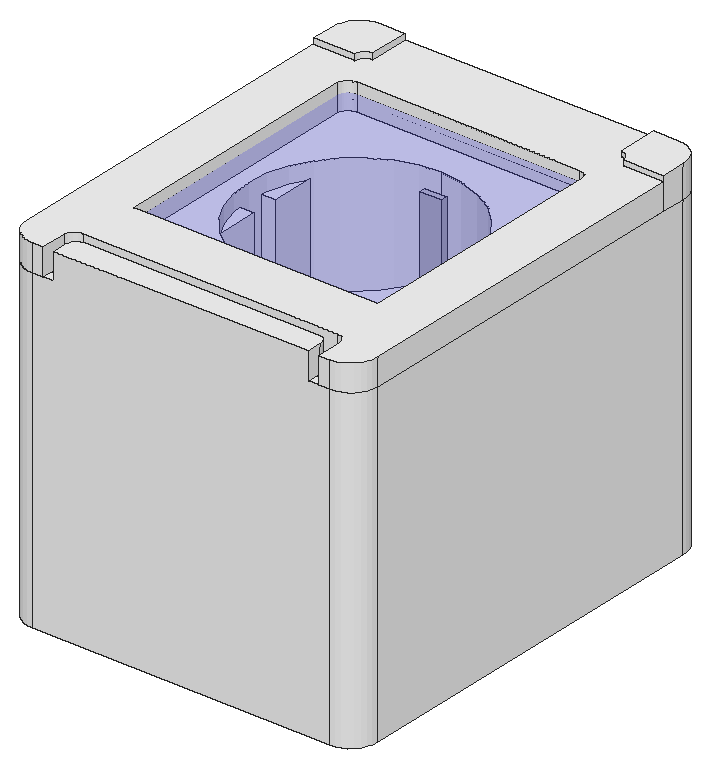
Revit family "Domotics-SerieCivili-GEWISS-27COMBI_SYSTEM-IP55_PRESA_GER", category Apparecchi elettrici, host Superficie, Revit 2016
Family settings
  Host = Superficie
  Mantenere orientamento annotazione = Sì
  Tipo di parte = Normale
  Quota connettore circolare = Usa diametro
  Taglio con vuoti quando caricato = No
  Condiviso = No
  Punto di calcolo locali = Sì
Parameters (values of type "GW27844 - Presa standard Tedesco 2P+T 16A stagna")
  Volt = 230 V
  Viti coperchio = "Acciaio inox"
  Vista in pianta [instance] = yes
  Versione file RFA = "19.4"
  URL = "https://www.gewiss.com/it/it"
  Tipo sfondabili = "Asportabili con utensile"
  Tipo portella = "Con membrana"
  Termopressione con biglia = "70 °C"
  Tensione: = "250 V ac"
  Tensione = "250 V ac"
  Temperatura di installazione = "-25 +60 °C"
  TXT ELETTRICO = "16"
  Sportellino chiuso [instance] = yes
  Simbolo [instance] = yes
  Scheda Tecnica = "https://www.gewiss.com/it/it/search?q=GW27844"
  SEO = "Contenitore"
  Default Elevation = 1219.2 mm
  Produttore = "GEWISS S.p.A."
  Norma di riferimento: = "IEC 60884-1"
  Norma di riferimento = "IEC 60884-1"
  N. poli = 1
  N. fori Ã˜ 23 sfondabili: = "Laterali 3 / Sul fondo 1"
  N. fori Ã˜ 23 con passacavo = "1"
  Modello = "GW27844"
  Immagine tipo = GW27844.jpg
  IFC.TypeObject = ""
  IFC.ExportType = ""
  IFC.ExportAs = ""
  IDT = "5c190fab-8d43-4d38-9b91-7a3bd9b67382"
  IDF = "49acd349-317a-49e7-b35c-f41bdb6a535b"
  Grado di protezione = "IP55"
  Glow Wire Test = "650°C"
  Distanza_x [instance] = 0 mm
  Distanza_effettiva_y [instance] = 100 mm
  Distanza_effettiva_x [instance] = 1000 mm - Distanza_x  # 1000 mm
  Distanza orizzontale del simbolo [instance] = 110.638 mm
  Distanza dal muro [instance] = 4.208 mm
  Dim. esterne BxHxP (mm) = "66x82x65"
  Descrizione: = "Presa 2P+T - 16 A"
  Descrizione = "PRESA STD TED.2P+T 16A STAGNA"
  Creato da GEWISS S.p.A. = ""
  Coppia serraggio viti = "0,8NM"
  Colore portella = "Trasparente"
  Colore = "Grigio RAL 7035"
  Codice Electrocod = "0131"
  Codice EAN = "8011564095489"
  Classe isolamento = "II"
  Catalogo Serie = "27COMBI"
  Catalogo = "DOMOTICS"
  Carico apparente = 0 VA
  Caratteristiche = "Standard Tedesco"
  COBie.Tagnumber = ""
  COBie.CreatedOn = ""
  COBie.CreatebBy = ""
  COBie.ComponentRegisterItemID = ""
  COBie.Component.TagNumber = ""
  COBie.Component.Space = ""
  COBie.Component.SerialNumber = ""
  COBie.Component.InstallationDate = ""
  COBie.Component.Description = ""
  COBie.Component.BarCode = ""
Reference planes
  plane 1 "Centro (Fronte/Retro)": y = 0
  plane 2: z = 0
  plane 3 "Centro (Sinistra/Destra)": x = 0
  plane 4: x = -1000
  plane 5: x = 0
  plane 6: y = 100
Lines and regions (mm)
  Masking region 1, visible <- "Vista in pianta"
    outline origin (0, 0, 0) x (1, 0, 0) y (0, 0, 1)
      loop
        line (-33, 66) -> (-33, 0) -> (33, 0) -> (33, 66) -> (-33, 66)
  Masking region 2, visible <- "Vista in pianta"
    outline origin (0, 0, 0) x (0, 1, 0) y (0, 0, 1)
      loop
        line (-41, 65) -> (-41, 0) -> (41, 0) -> (41, 65) -> (-41, 65)
  Masking region 3, visible <- "Vista in pianta"
    outline origin (0, 0, 0) x (1, 0, 0) y (0, 1, 0)
      loop
        arc (-28, 41) -> (-31.536, 39.536) -> (-33, 36) r 5
        line (-33, 36) -> (-33, -36)
        arc (-33, -36) -> (-31.536, -39.536) -> (-28, -41) r 5
        line (-28, -41) -> (28, -41)
        arc (28, -41) -> (31.536, -39.536) -> (33, -36) r 5
        line (33, -36) -> (33, 36)
        arc (33, 36) -> (31.536, 39.536) -> (28, 41) r 5
        line (28, 41) -> (-28, 41)
      loop
        line (-31, 36) -> (-31, -36)
        arc (-31, -36) -> (-30.121, -38.121) -> (-28, -39) r 3
        line (-28, -39) -> (28, -39)
        arc (28, -39) -> (30.121, -38.121) -> (31, -36) r 3
        line (31, -36) -> (31, 36)
        arc (31, 36) -> (30.121, 38.121) -> (28, 39) r 3
        line (28, 39) -> (-28, 39)
        arc (-28, 39) -> (-30.121, 38.121) -> (-31, 36) r 3
      loop
        line (-23, -23.5) -> (23, -23.5) -> (23, 24.5)
        arc (23, 24.5) -> (22.414, 25.914) -> (21, 26.5) r 2
        line (21, 26.5) -> (-21, 26.5)
        arc (-21, 26.5) -> (-22.414, 25.914) -> (-23, 24.5) r 2
        line (-23, 24.5) -> (-23, -23.5)
      loop
        circle (0, 0) r 20.156
      loop
        circle (-11.281, -0.293) r 3.536
      loop
        circle (10.281, -0.293) r 3.536
      loop
        line (-2.056, 17.726) -> (2.056, 17.726) -> (2.056, 18.888) -> (-2.056, 18.888) -> (-2.056, 17.726)
      loop
        line (-2.056, -17.726) -> (-2.056, -18.888) -> (2.056, -18.888) -> (2.056, -17.726) -> (-2.056, -17.726)
      loop
        line (-25.996, -36.247) -> (-25.996, -38.623) -> (25.996, -38.623) -> (25.996, -36.247)
        arc (25.996, -36.247) -> (25.41, -34.833) -> (23.996, -34.247) r 2
        line (23.996, -34.247) -> (-23.996, -34.247)
        arc (-23.996, -34.247) -> (-25.41, -34.833) -> (-25.996, -36.247) r 2
      loop
        arc (-21.996, -36.247) -> (-23.41, -36.833) -> (-23.996, -38.247) r 2
        line (-23.996, -38.247) -> (23.996, -38.247)
        arc (23.996, -38.247) -> (23.41, -36.833) -> (21.996, -36.247) r 2
        line (21.996, -36.247) -> (-21.996, -36.247)
Dimensions and locks
  plane 4 to plane 3 "Centro (Sinistra/Destra)" = 1000 mm
  "Distanza_effettiva_x": plane 4 to plane 5
  "Distanza_effettiva_y": plane 6 to plane 1 "Centro (Fronte/Retro)"
  aligned and locked: plane 2 to host face
  aligned and locked: level to host face
  aligned and locked: plane 1 "Centro (Fronte/Retro)" to nested 1
  aligned and locked: plane 3 "Centro (Sinistra/Destra)" to nested 1
  aligned and locked: plane 5 to nested 2
  aligned and locked: nested 2 to plane 6
  aligned and locked: Masking region 1 sketch curve to nested 1  (x3)
  aligned and locked: nested 1 to Masking region 1 sketch curve
  aligned and locked: Masking region 2 sketch curve to nested 1  (x4)
Automatic sketch dimensions
  host sketch curve to host sketch curve = 2438.4 mm  (x2)
  Masking region 3 sketch curve to Masking region 3 sketch curve = 0 mm  (x8)
  plane 1 "Centro (Fronte/Retro)" to Masking region 3 sketch curve = 0 mm
  Masking region 3 sketch curve to plane 3 "Centro (Sinistra/Destra)" = 0 mm
  Masking region 3 sketch curve to plane 3 "Centro (Sinistra/Destra)" = 2.056 mm  (x2)
  plane 1 "Centro (Fronte/Retro)" to Masking region 3 sketch curve = 0.293 mm  (x2)
  Masking region 3 sketch curve to plane 3 "Centro (Sinistra/Destra)" = 11.281 mm
  Masking region 3 sketch curve to Masking region 3 sketch curve = 18.944 mm  (x2)
  Masking region 3 sketch curve to plane 3 "Centro (Sinistra/Destra)" = 21.996 mm
  Masking region 3 sketch curve to Masking region 3 sketch curve = 2 mm  (x7)
  Masking region 3 sketch curve to Masking region 3 sketch curve = 7 mm  (x2)
  Masking region 3 sketch curve to Masking region 3 sketch curve = 2.004 mm
  Masking region 3 sketch curve to Masking region 3 sketch curve = 3 mm  (x2)
  plane 3 "Centro (Sinistra/Destra)" to Masking region 3 sketch curve = 2.056 mm  (x2)
  plane 3 "Centro (Sinistra/Destra)" to Masking region 3 sketch curve = 10.281 mm
  plane 3 "Centro (Sinistra/Destra)" to Masking region 3 sketch curve = 21.996 mm
  Masking region 3 sketch curve to Masking region 3 sketch curve = 1.004 mm
  Masking region 3 sketch curve to Masking region 3 sketch curve = 4.004 mm
  plane 1 "Centro (Fronte/Retro)" to Masking region 3 sketch curve = 17.726 mm
  Masking region 3 sketch curve to Masking region 3 sketch curve = 1.162 mm  (x2)
  Masking region 3 sketch curve to Masking region 3 sketch curve = 4.612 mm
  Masking region 3 sketch curve to Masking region 3 sketch curve = 10.747 mm
  Masking region 3 sketch curve to Masking region 3 sketch curve = 0.247 mm
  Masking region 3 sketch curve to Masking region 3 sketch curve = 0.377 mm
  Masking region 3 sketch curve to plane 1 "Centro (Fronte/Retro)" = 17.726 mm
  Masking region 3 sketch curve to Masking region 3 sketch curve = 5.612 mm
  Masking region 3 sketch curve to Masking region 3 sketch curve = 9.5 mm
  radius of Masking region 3 sketch curve = 20.156 mm
  radius of Masking region 3 sketch curve = 3.536 mm  (x2)
Nested families
  nested 1: "System Contenitori IP55 Compl Prese Ger_GENERICO" at (0, 0, 0), Sportellino Chiuso <- "Sportellino chiuso", type "GW27844 Presa standard Tedesco 2P+T 16A stagna"
    with Sportellino Chiuso yes, Sportellino Aperto no
  nested 2: "SIMBOLO PRESE" at (0, 100, 0), TESTO ELETTRICO <- "TXT ELETTRICO", Distanza dal muro <- "Distanza dal muro", SIMBOLO <- "Simbolo", visible <- "Simbolo", type "PRESA"
    with TESTO ELETTRICO "16", SIMBOLO yes, Distanza dal muro 4.208 mm, BORDO ACCESO yes
Connectors
  electrical at (0, 0, 0), driven by "N. poli", driven by "Volt", driven by "Carico apparente"
    settings: on nested 1, index 1, voltage 230 V, apparent load 0 VA, apparent load phase1 0 VA, apparent load phase2 0 VA, apparent load phase3 0 VA, power factor 1, load classification "Altro", number of poles 1, system type 31, power factor state 1, is connector primary yes, connector utility no, sub classification motor no, connector description ""
Definition of nested family "System Contenitori IP55 Compl Prese Ger_GENERICO"
  Parameters (values of type "GW27844 Presa standard Tedesco 2P+T 16A stagna")
    Vetro Sportello = none
    Sportellino Chiuso [instance] = yes
    Sportellino Aperto [instance] = not(Sportellino Chiuso)  # no
    Profondità = 65 mm
    Lunghezza = 82 mm
    Larghezza = 66 mm
    Contenitore = none
    Altezza da terra = 750 mm
  Reference planes
    plane 1 "Centro (Fronte/Retro)": y = 0
    plane 2: z = 0
    plane 3 "Centro (Sinistra/Destra)": x = 0
    plane 4: x = -33
    plane 5: x = 33
    plane 6: x = -23
    plane 7: x = 23
    plane 8: z = 856.107
    plane 9: z = 65
    plane 10: z = 60
    plane 11: z = 66
    plane 12: z = 61
    plane 13: z = 37
    plane 14: z = 36
    plane 15: z = 57
  Forms (mm)
    Extrusion 1, solid, material <- "Contenitore"
      sketch origin (0, -791, 0) x (1, 0, 0) y (0, 1, 0)
        loop
          arc (-28, 832) -> (-31.536, 830.536) -> (-33, 827) r 5
          line (-33, 827) -> (-33, 755)
          arc (-33, 755) -> (-31.536, 751.464) -> (-28, 750) r 5
          line (-28, 750) -> (28, 750)
          arc (28, 750) -> (31.536, 751.464) -> (33, 755) r 5
          line (33, 755) -> (33, 827)
          arc (33, 827) -> (31.536, 830.536) -> (28, 832) r 5
          line (28, 832) -> (-28, 832)
        loop
          arc (-31, 755) -> (-30.121, 752.879) -> (-28, 752) r 3
          line (-28, 752) -> (28, 752)
          arc (28, 752) -> (30.121, 752.879) -> (31, 755) r 3
          line (31, 755) -> (31, 827)
          arc (31, 827) -> (30.121, 829.121) -> (28, 830) r 3
          line (28, 830) -> (-28, 830)
          arc (-28, 830) -> (-30.121, 829.121) -> (-31, 827) r 3
          line (-31, 827) -> (-31, 755)
      from 0 to 60
    Extrusion 2, solid, material <- "Contenitore", visible <- "Sportellino Chiuso", detail levels fine
      sketch origin (0, -791, 60) x (1, 0, 0) y (0, 1, 0)
        loop
          line (-23.414, 832) -> (-23.414, 824.415)
          arc (-23.414, 824.415) -> (-24.751, 823.861) -> (-25.304, 822.525) r 1.89
          line (-25.304, 822.525) -> (-33, 822.525) -> (-33, 755)
          arc (-33, 755) -> (-31.536, 751.464) -> (-28, 750) r 5
          line (-28, 750) -> (-25.996, 750) -> (-25.996, 754.753)
          arc (-25.996, 754.753) -> (-25.41, 756.167) -> (-23.996, 756.753) r 2
          line (-23.996, 756.753) -> (23.996, 756.753)
          arc (23.996, 756.753) -> (25.41, 756.167) -> (25.996, 754.753) r 2
          line (25.996, 754.753) -> (25.996, 750) -> (28, 750)
          arc (28, 750) -> (31.536, 751.464) -> (33, 755) r 5
          line (33, 755) -> (33, 822.525) -> (25.304, 822.525)
          arc (25.304, 822.525) -> (24.751, 823.861) -> (23.414, 824.415) r 1.89
          line (23.414, 824.415) -> (23.414, 832) -> (-23.414, 832)
        loop
          arc (-21, 817.5) -> (-22.414, 816.914) -> (-23, 815.5) r 2
          line (-23, 815.5) -> (-23, 767.5) -> (23, 767.5) -> (23, 815.5)
          arc (23, 815.5) -> (22.414, 816.914) -> (21, 817.5) r 2
          line (21, 817.5) -> (-21, 817.5)
      from 5 to 0
    Extrusion 3, solid, material <- "Contenitore"
      sketch origin (0, -791, 60) x (1, 0, 0) y (0, 1, 0)
        loop
          line (-23.996, 750) -> (23.996, 750) -> (23.996, 752.753)
          arc (23.996, 752.753) -> (23.41, 754.167) -> (21.996, 754.753) r 2
          line (21.996, 754.753) -> (-21.996, 754.753)
          arc (-21.996, 754.753) -> (-23.41, 754.167) -> (-23.996, 752.753) r 2
          line (-23.996, 752.753) -> (-23.996, 750)
      from 5 to 0
    Extrusion 4, solid, material <- "Vetro Sportello", visible <- "Sportellino Chiuso"
      sketch origin (0, -791, 63.052) x (1, 0, 0) y (0, 1, 0)
        loop
          arc (-21, 817.5) -> (-22.414, 816.914) -> (-23, 815.5) r 2
          line (-23, 815.5) -> (-23, 767.5) -> (23, 767.5) -> (23, 815.5)
          arc (23, 815.5) -> (22.414, 816.914) -> (21, 817.5) r 2
          line (21, 817.5) -> (-21, 817.5)
      from 0 to -1.104
    Extrusion 5, solid, material <- "Contenitore", detail levels fine
      sketch origin (0, -791, 61) x (1, 0, 0) y (0, 1, 0)
        loop
          arc (-28, 832) -> (-31.536, 830.536) -> (-33, 827) r 5
          line (-33, 827) -> (-33, 822.525) -> (-25.304, 822.525)
          arc (-25.304, 822.525) -> (-24.751, 823.861) -> (-23.414, 824.415) r 1.89
          line (-23.414, 824.415) -> (-23.414, 832) -> (-28, 832)
      from 5 to -1
    Extrusion 6, solid, material <- "Contenitore", detail levels fine
      sketch origin (0, -791, 61) x (1, 0, 0) y (0, 1, 0)
        loop
          line (23.414, 832) -> (23.414, 824.415)
          arc (23.414, 824.415) -> (24.751, 823.861) -> (25.304, 822.525) r 1.89
          line (25.304, 822.525) -> (33, 822.525) -> (33, 827)
          arc (33, 827) -> (31.536, 830.536) -> (28, 832) r 5
          line (28, 832) -> (23.414, 832)
      from 5 to -1
    Extrusion 7, solid, material <- "Contenitore", visible <- "Sportellino Aperto", detail levels fine
      sketch origin (0, -791, 61) x (1, 0, 0) y (0, 0, -1)
        loop
          line (-23.414, 0) -> (-23.414, -7.585)
          arc (-23.414, -7.585) -> (-24.751, -8.139) -> (-25.304, -9.475) r 1.89
          line (-25.304, -9.475) -> (-33, -9.475) -> (-33, -77)
          arc (-33, -77) -> (-31.536, -80.536) -> (-28, -82) r 5
          line (-28, -82) -> (-25.996, -82) -> (-25.996, -77.697)
          arc (-25.996, -77.697) -> (-25.278, -75.964) -> (-23.545, -75.247) r 2.45
          line (-23.545, -75.247) -> (23.496, -75.247)
          arc (23.496, -75.247) -> (25.264, -75.979) -> (25.996, -77.747) r 2.5
          line (25.996, -77.747) -> (25.996, -82) -> (28, -82)
          arc (28, -82) -> (31.536, -80.536) -> (33, -77) r 5
          line (33, -77) -> (33, -9.475) -> (25.304, -9.475)
          arc (25.304, -9.475) -> (24.751, -8.139) -> (23.414, -7.585) r 1.89
          line (23.414, -7.585) -> (23.414, 0) -> (-23.414, 0)
        loop
          arc (-20.971, -14.5) -> (-22.406, -15.094) -> (-23, -16.529) r 2.029
          line (-23, -16.529) -> (-23, -64.5) -> (23, -64.5) -> (23, -16.473)
          arc (23, -16.473) -> (22.422, -15.078) -> (21.027, -14.5) r 1.973
          line (21.027, -14.5) -> (-20.971, -14.5)
      from 827 to 832
    Extrusion 8, solid, not visible
      sketch origin (0, 5, 0) x (0, 0, 1) y (1, 0, 0)
        loop
          line (832, -28) -> (832, 28)
          arc (832, 28) -> (830.536, 31.536) -> (827, 33) r 5
          line (827, 33) -> (755, 33)
          arc (755, 33) -> (751.464, 31.536) -> (750, 28) r 5
          line (750, 28) -> (750, -28)
          arc (750, -28) -> (751.464, -31.536) -> (755, -33) r 5
          line (755, -33) -> (827, -33)
          arc (827, -33) -> (830.536, -31.536) -> (832, -28) r 5
        loop
          line (755, -31) -> (827, -31)
          arc (827, -31) -> (829.121, -30.121) -> (830, -28) r 3
          line (830, -28) -> (830, 28)
          arc (830, 28) -> (829.121, 30.121) -> (827, 31) r 3
          line (827, 31) -> (755, 31)
          arc (755, 31) -> (752.879, 30.121) -> (752, 28) r 3
          line (752, 28) -> (752, -28)
          arc (752, -28) -> (752.879, -30.121) -> (755, -31) r 3
      from 0 to 60
    Extrusion 9, solid, visible <- "Sportellino Chiuso", not visible
      sketch origin (0, 5, 0) x (0, 0, 1) y (1, 0, 0)
        loop
          line (832, -23.414) -> (832, 23.414) -> (824.415, 23.414)
          arc (824.415, 23.414) -> (823.861, 24.751) -> (822.525, 25.304) r 1.89
          line (822.525, 25.304) -> (822.525, 33) -> (755, 33)
          arc (755, 33) -> (751.464, 31.536) -> (750, 28) r 5
          line (750, 28) -> (750, 25.996) -> (754.753, 25.996)
          arc (754.753, 25.996) -> (756.167, 25.41) -> (756.753, 23.996) r 2
          line (756.753, 23.996) -> (756.753, -23.996)
          arc (756.753, -23.996) -> (756.167, -25.41) -> (754.753, -25.996) r 2
          line (754.753, -25.996) -> (750, -25.996) -> (750, -28)
          arc (750, -28) -> (751.464, -31.536) -> (755, -33) r 5
          line (755, -33) -> (822.525, -33) -> (822.525, -25.304)
          arc (822.525, -25.304) -> (823.861, -24.751) -> (824.415, -23.414) r 1.89
          line (824.415, -23.414) -> (832, -23.414)
        loop
          line (817.5, -21) -> (817.5, 21)
          arc (817.5, 21) -> (816.914, 22.414) -> (815.5, 23) r 2
          line (815.5, 23) -> (767.5, 23) -> (767.5, -23) -> (815.5, -23)
          arc (815.5, -23) -> (816.914, -22.414) -> (817.5, -21) r 2
      from 0 to -5
    Extrusion 10, solid, not visible
      sketch origin (0, 5, 0) x (0, 0, 1) y (1, 0, 0)
        loop
          line (750, -23.996) -> (752.753, -23.996)
          arc (752.753, -23.996) -> (754.167, -23.41) -> (754.753, -21.996) r 2
          line (754.753, -21.996) -> (754.753, 21.996)
          arc (754.753, 21.996) -> (754.167, 23.41) -> (752.753, 23.996) r 2
          line (752.753, 23.996) -> (750, 23.996) -> (750, -23.996)
      from 0 to -3.604
    Extrusion 11, solid, material <- "Vetro Sportello", visible <- "Sportellino Chiuso", not visible
      sketch origin (0, 2.5, 0) x (0, 0, 1) y (1, 0, 0)
        loop
          line (817.5, -21) -> (817.5, 21)
          arc (817.5, 21) -> (816.914, 22.414) -> (815.5, 23) r 2
          line (815.5, 23) -> (767.5, 23) -> (767.5, -23) -> (815.5, -23)
          arc (815.5, -23) -> (816.914, -22.414) -> (817.5, -21) r 2
      from 0 to -1.104
    Extrusion 12, solid, not visible
      sketch origin (0, 5, 0) x (0, 0, 1) y (1, 0, 0)
        loop
          line (832, -28) -> (832, -23.414) -> (824.415, -23.414)
          arc (824.415, -23.414) -> (823.861, -24.751) -> (822.525, -25.304) r 1.89
          line (822.525, -25.304) -> (822.525, -33) -> (827, -33)
          arc (827, -33) -> (830.536, -31.536) -> (832, -28) r 5
      from 0 to -6
    Extrusion 13, solid, not visible
      sketch origin (0, 5, 0) x (0, 0, 1) y (1, 0, 0)
        loop
          line (832, 23.414) -> (832, 28)
          arc (832, 28) -> (830.536, 31.536) -> (827, 33) r 5
          line (827, 33) -> (822.525, 33) -> (822.525, 25.304)
          arc (822.525, 25.304) -> (823.861, 24.751) -> (824.415, 23.414) r 1.89
          line (824.415, 23.414) -> (832, 23.414)
      from 0 to -6
    Extrusion 14, solid, visible <- "Sportellino Aperto", not visible
      sketch origin (0, 0, 0) x (1, 0, 0) y (0, 1, 0)
        loop
          line (-23.414, 0) -> (-23.414, -7.585)
          arc (-23.414, -7.585) -> (-24.751, -8.139) -> (-25.304, -9.475) r 1.89
          line (-25.304, -9.475) -> (-33, -9.475) -> (-33, -77)
          arc (-33, -77) -> (-31.536, -80.536) -> (-28, -82) r 5
          line (-28, -82) -> (-25.996, -82) -> (-25.996, -77.697)
          arc (-25.996, -77.697) -> (-25.278, -75.964) -> (-23.545, -75.247) r 2.45
          line (-23.545, -75.247) -> (23.496, -75.247)
          arc (23.496, -75.247) -> (25.264, -75.979) -> (25.996, -77.747) r 2.5
          line (25.996, -77.747) -> (25.996, -82) -> (28, -82)
          arc (28, -82) -> (31.536, -80.536) -> (33, -77) r 5
          line (33, -77) -> (33, -9.475) -> (25.304, -9.475)
          arc (25.304, -9.475) -> (24.751, -8.139) -> (23.414, -7.585) r 1.89
          line (23.414, -7.585) -> (23.414, 0) -> (-23.414, 0)
        loop
          arc (-20.971, -14.5) -> (-22.406, -15.094) -> (-23, -16.529) r 2.029
          line (-23, -16.529) -> (-23, -64.5) -> (23, -64.5) -> (23, -16.473)
          arc (23, -16.473) -> (22.422, -15.078) -> (21.027, -14.5) r 1.973
          line (21.027, -14.5) -> (-20.971, -14.5)
      from 827 to 832
    Extrusion 15, solid, material <- "Vetro Sportello", visible <- "Sportellino Aperto", not visible
      sketch origin (0, 0, 0) x (1, 0, 0) y (0, 1, 0)
        loop
          line (-23, -64.5) -> (23, -64.5) -> (23, -16.5)
          arc (23, -16.5) -> (22.414, -15.086) -> (21, -14.5) r 2
          line (21, -14.5) -> (-21, -14.5)
          arc (-21, -14.5) -> (-22.414, -15.086) -> (-23, -16.5) r 2
          line (-23, -16.5) -> (-23, -64.5)
      from 829.225 to 829.725
    Extrusion 16, solid, material <- "Contenitore"
      sketch origin (0, 0, 0) x (1, 0, 0) y (0, 1, 0)
        loop
          arc (-31, -36) -> (-30.121, -38.121) -> (-28, -39) r 3
          line (-28, -39) -> (28, -39)
          arc (28, -39) -> (30.121, -38.121) -> (31, -36) r 3
          line (31, -36) -> (31, 36)
          arc (31, 36) -> (30.121, 38.121) -> (28, 39) r 3
          line (28, 39) -> (-28, 39)
          arc (-28, 39) -> (-30.121, 38.121) -> (-31, 36) r 3
          line (-31, 36) -> (-31, -36)
      from 36 to 60
    Extrusion 17, solid, material <- "Contenitore"
      sketch origin (0, 0, 0) x (1, 0, 0) y (0, 1, 0)
        loop
          arc (-21, 26.5) -> (-22.414, 25.914) -> (-23, 24.5) r 2
          line (-23, 24.5) -> (-23, -23.5) -> (23, -23.5) -> (23, 24.5)
          arc (23, 24.5) -> (22.414, 25.914) -> (21, 26.5) r 2
          line (21, 26.5) -> (-21, 26.5)
      from 60 to 36
    Extrusion 18, void
      sketch origin (0, 0, 0) x (1, 0, 0) y (0, 1, 0)
        loop
          circle (0, 0) r 20.156
      from 37 to 61
    Extrusion 19, solid
      sketch origin (0, 0, 0) x (1, 0, 0) y (0, 1, 0)
        loop
          circle (-11.281, -0.293) r 3.536
        loop
          circle (10.281, -0.293) r 3.536
      from 0 to 36
    Extrusion 20, void
      sketch origin (0, 0, 0) x (1, 0, 0) y (0, 1, 0)
        loop
          circle (-11.281, -0.293) r 3.536
        loop
          circle (10.281, -0.293) r 3.536
      from 36 to 37
    Extrusion 21, solid, detail levels fine
      sketch origin (0, 0, 0) x (1, 0, 0) y (0, 1, 0)
        loop
          arc (-17.077, 10.706) -> (-18.981, 6.781) -> (-19.995, 2.538) r 20.156
          line (-19.995, 2.538) -> (-17.077, 2.538) -> (-17.077, 10.706)
        loop
          line (-17.077, -10.706) -> (-17.077, -2.538) -> (-19.995, -2.538)
          arc (-19.995, -2.538) -> (-18.981, -6.781) -> (-17.077, -10.706) r 20.156
        loop
          line (17.077, 10.706) -> (17.077, 2.538) -> (19.995, 2.538)
          arc (19.995, 2.538) -> (18.981, 6.781) -> (17.077, 10.706) r 20.156
        loop
          arc (17.077, -10.706) -> (18.981, -6.781) -> (19.995, -2.538) r 20.156
          line (19.995, -2.538) -> (17.077, -2.538) -> (17.077, -10.706)
      from 37 to 57
    Extrusion 22, solid, detail levels fine
      sketch origin (0, 0, 0) x (1, 0, 0) y (0, 1, 0)
        loop
          line (-2.056, 17.726) -> (2.056, 17.726) -> (2.056, 18.888) -> (-2.056, 18.888) -> (-2.056, 17.726)
        loop
          line (-2.056, -17.726) -> (-2.056, -18.888) -> (2.056, -18.888) -> (2.056, -17.726) -> (-2.056, -17.726)
      from 37 to 57
  Cuts and joins
    joined: Extrusion 1, Extrusion 3
    Extrusion 18, Extrusion 20 cuts Extrusion 4
    Extrusion 18, Extrusion 20 cuts Extrusion 16
    Extrusion 18, Extrusion 20 cuts Extrusion 17
    Extrusion 20 cuts Extrusion 19
  Lines and regions (mm)
    model lines, not visible, detail levels medium+fine
      curve 1: circle (-28, -1, 827) r 2 normal (0, -1, 0)
      curve 2: circle (28, -1, 827) r 2 normal (0, -1, 0)
      curve 9: circle (0, 1.396, 790.026) r 20.156 normal (0, -1, 0)
      curve 12: line (23, 1.396, 767.5) -> (-23, 1.396, 767.5)
      curve 13: line (-23, 1.396, 767.5) -> (-23, 1.396, 812.5)
      curve 14: line (-23, 1.396, 812.5) -> (23, 1.396, 812.5)
      curve 15: line (23, 1.396, 812.5) -> (23, 1.396, 767.5)
    model lines, not visible, detail levels fine
      curve 3: line (-29.912, -1, 826.413) -> (-26.7, -1, 828.52)
      curve 4: line (-29.472, -1, 825.646) -> (-26.172, -1, 827.81)
      curve 5: line (29.912, -1, 826.413) -> (26.7, -1, 828.52)
      curve 6: line (29.472, -1, 825.646) -> (26.172, -1, 827.81)
      curve 10: circle (-11.281, 1.396, 789.733) r 3.536 normal (0, -1, 0)
      curve 11: circle (10.281, 1.396, 789.733) r 3.536 normal (0, -1, 0)
      curve 16: line (-17.077, 1.396, 800.732) -> (-17.077, 1.396, 792.564)
      curve 17: line (-17.077, 1.396, 792.564) -> (-19.995, 1.396, 792.564)
      curve 18: line (-17.077, 1.396, 779.32) -> (-17.077, 1.396, 787.489)
      curve 19: line (-17.077, 1.396, 787.489) -> (-19.995, 1.396, 787.489)
      curve 20: line (17.077, 1.396, 800.732) -> (17.077, 1.396, 792.564)
      curve 21: line (17.077, 1.396, 792.564) -> (19.995, 1.396, 792.564)
      curve 22: line (17.077, 1.396, 779.32) -> (17.077, 1.396, 787.489)
      curve 23: line (17.077, 1.396, 787.489) -> (19.995, 1.396, 787.489)
      curve 24: line (-2.056, 1.396, 810.077) -> (-2.056, 1.396, 807.752)
      curve 25: line (-2.056, 1.396, 807.752) -> (2.056, 1.396, 807.752)
      curve 26: line (2.056, 1.396, 807.752) -> (2.056, 1.396, 810.077)
      curve 27: line (-2.056, 1.396, 769.976) -> (-2.056, 1.396, 772.3)
      curve 28: line (-2.056, 1.396, 772.3) -> (2.056, 1.396, 772.3)
      curve 29: line (2.056, 1.396, 772.3) -> (2.056, 1.396, 769.976)
    model lines, not visible
      curve 7: line (-23.414, 0, 832) -> (-23.414, 0, 824.415)
      curve 8: line (23.414, 0, 824.415) -> (23.414, 0, 832)
    model lines, detail levels fine
      curve 30: circle (0, 0, 37) r 20.156 normal (0, 0, 1)
      curve 31: circle (-11.281, -0.293, 37) r 3.536 normal (0, 0, 1)
      curve 32: circle (10.281, -0.293, 37) r 3.536 normal (0, 0, 1)
      curve 33: line (-17.077, 10.706, 37) -> (-17.077, 2.538, 37)
      curve 34: line (-17.077, 2.538, 37) -> (-19.995, 2.538, 37)
      curve 35: line (-17.077, -10.706, 37) -> (-17.077, -2.538, 37)
      curve 36: line (-17.077, -2.538, 37) -> (-19.995, -2.538, 37)
      curve 37: line (17.077, 10.706, 37) -> (17.077, 2.538, 37)
      curve 38: line (17.077, 2.538, 37) -> (19.995, 2.538, 37)
      curve 39: line (17.077, -10.706, 37) -> (17.077, -2.538, 37)
      curve 40: line (17.077, -2.538, 37) -> (19.995, -2.538, 37)
      curve 41: line (-2.056, 20.051, 37) -> (-2.056, 17.726, 37)
      curve 42: line (-2.056, 17.726, 37) -> (2.056, 17.726, 37)
      curve 43: line (2.056, 17.726, 37) -> (2.056, 20.051, 37)
      curve 44: line (-2.056, -20.051, 37) -> (-2.056, -17.726, 37)
      curve 45: line (-2.056, -17.726, 37) -> (2.056, -17.726, 37)
      curve 46: line (2.056, -17.726, 37) -> (2.056, -20.051, 37)
  Dimensions and locks
    locked: plane 9 to plane 2 at 65
    plane 9 to plane 10 to plane 2 = 5 mm, 60 mm
    locked: plane 12 to plane 10 at 1
    locked: plane 10 to plane 13 at 23
    plane 10 to plane 15 = 3 mm
    aligned and locked: level to plane 2
    aligned and locked: cut or joined group of Extrusion 1, Extrusion 3 to plane 2
    aligned and locked: plane 9 to Extrusion 2
    aligned and locked: plane 11 to Extrusion 6
    aligned and locked: Extrusion 5 to Extrusion 6
    aligned and locked: Extrusion 2 to Extrusion 5
    aligned and locked: Extrusion 2 to Extrusion 3
    aligned and locked: Extrusion 3 to Extrusion 1
    aligned and locked: Extrusion 16 sketch curve to cut or joined group of Extrusion 1, Extrusion 3  (x4)
    aligned and locked: Extrusion 16 to Extrusion 2
    aligned and locked: Extrusion 17 sketch curve to Extrusion 2  (x4)
    aligned and locked: Extrusion 17 to Extrusion 2
    aligned and locked: Extrusion 17 to plane 14
    aligned and locked: Extrusion 16 to Extrusion 17
    aligned and locked: Extrusion 18 to plane 13
    aligned and locked: plane 14 to Extrusion 19
    aligned and locked: Extrusion 20 to plane 14
    aligned and locked: plane 13 to Extrusion 20
Definition of nested family "SIMBOLO PRESE"
  Parameters (values of type "PRESA")
    TESTO ELETTRICO [instance] = "TXT"
    Simbolo = SIMBOLO PRESE_BASE : PRESA
    SIMBOLO [instance] = yes
    Distanza dal muro [instance] = 4.208 mm
    BORDO ACCESO [instance] = yes
  Reference planes
    plane 1: y = 0
    plane 2: x = 0
  Dimensions and locks
    aligned and locked: plane 1 to nested 1
    aligned and locked: plane 2 to nested 1
  Nested families
    nested 1: "SIMBOLO PRESE_BASE" at (0, 0, 0), type <- "Simbolo", TESTO ELETTRICO <- "TESTO ELETTRICO", BORDO ACCESO <- "BORDO ACCESO", visible <- "SIMBOLO", type "PRESA"
      with TESTO ELETTRICO "TXT", BORDO ACCESO yes
  Definition of nested family "SIMBOLO PRESE_BASE"
    Parameters (values of type "PRESA")
      TESTO ELETTRICO [instance] = "TXT"
      Distanza dal muro = 4.208 mm
      BORDO ACCESO [instance] = yes
    Reference planes
      plane 1: y = 0
      plane 2: x = 0
    Lines and regions (mm)
      detail lines, visible <- "BORDO ACCESO", not visible
        curve 1: line (-1.743, 9.208, 0) -> (2.057, 9.208, 0)
        curve 2: line (2.057, 9.208, 0) -> (2.057, 4.208, 0)
        curve 3: line (2.057, 4.208, 0) -> (-1.743, 4.208, 0)
        curve 4: line (-1.743, 4.208, 0) -> (-1.743, 9.208, 0)
        curve 5: line (-1.543, 9.008, 0) -> (1.857, 9.008, 0)
        curve 6: line (1.857, 9.008, 0) -> (1.857, 4.408, 0)
        curve 7: line (1.857, 4.408, 0) -> (-1.543, 4.408, 0)
        curve 8: line (-1.543, 4.408, 0) -> (-1.543, 9.008, 0)
      detail lines
        curve 9: line (0.783, 1.133, 0) -> (-0.783, 1.133, 0)
        curve 10: line (0, 1.133, 0) -> (0, 0.349, 0)
        curve 11: arc (-0.783, 1.916, 0) -> (0, 1.133, 0) -> (0.783, 1.916, 0) r 0.783
    Text (mm)
      label "TXT" at (0.016, 1.578, 0), shows "TESTO ELETTRICO"
